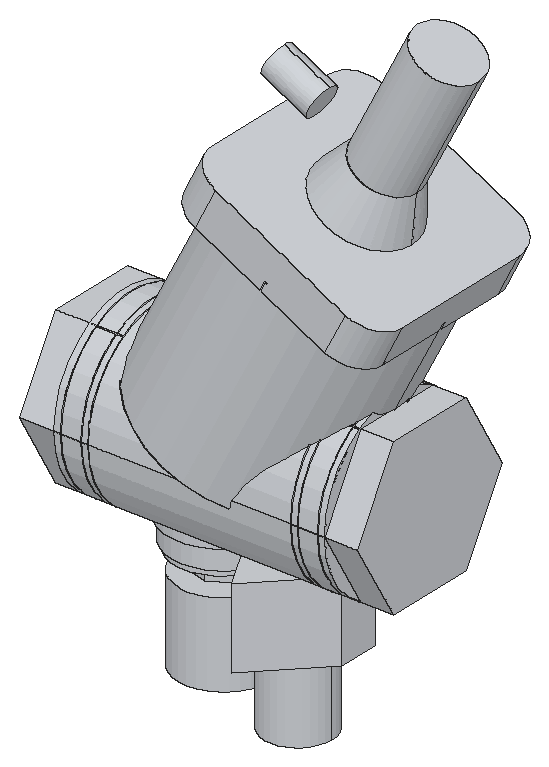
Revit family "PV_Compact_DN025L_ 5-30_FF_měř-vyp_RFA_2019", category Pipe Accessories, Revit 2019
Family settings
  Round Connector Dimension = Use Diameter
  Part Type = Valve - Breaks Into
  Work Plane-Based = No
  Always vertical = Yes
  Cut with Voids When Loaded = No
  Shared = No
Parameters (values of type "PV Compact DN25L FF s měřením a vypouštěním ( 5-30kPa)")
  magiProductId = "006ff7ff77e34fd39e52f3f4c37192"
  magiProductFamilyId = "88c57951ecb64b5d83dd1d4eb8fc72"
  magiPartTypeId = 304
  isMeasuringValve [instance] = no
  ang2D [instance] = 0.00°
  Z7 = 15 mm
  Z6 = 40.2 mm
  Z5 = 93.8 mm
  Z4 = 80.4 mm
  Z3 = 13.4 mm
  Z2 = 67 mm
  XR3 = 42.5 mm
  XR2 = 37.5 mm
  XR1 = 25.5 mm
  W2D = 15 mm
  VersionID = "2.0/2018.12.13.2/FRESE_PV_COMPACT_PLUG_Q13_001"
  Use Minimum Symbol Size [instance] = no
  URL = "www.hydronic.cz"
  Type Comments = "závitový s vnitřním závitem; s měřicí vsuvkou a vypouštěním; PN25; dpmax=450kPa; -10~+120°C"
  R5 = 5 mm
  R4 = 15 mm
  R3 = 10 mm
  R2 = 26.5 mm
  R1 = 31.5 mm
  QmdConnectorList = "301;D;302;D"
  Productdata [instance] = ""
  PH__ve = -PH  # -23.6 mm
  PH = 23.6 mm
  NL__ve = -NL  # -20 mm
  NL = 20 mm
  Manufacturer = "Hydronic Systems Prague s.r.o."
  MC Use Limits From Balancing Method = no
  MC Throttling Minimum Value = 0
  MC Throttling Maximum Value = 0
  MC Product Code = "53-3246 DN25L; FF; nastavitelný rozsah dp=5~30kPa; Q=600~2500l/h;  kvs=8,7"
  MC Pressure Drop Minimum Value = 0.0 Pa
  MC Pressure Drop Maximum Value = 0.0 Pa
  MC Piping Given Pressure Drop [instance] = 0.0 Pa
  M5 = 40 mm
  M4 = 38 mm
  M3 = 32 mm
  M2 = 30 mm
  LP = 50 mm
  LM = 60 mm
  LL__ve = -LL  # -6.3 mm
  LLT__ve = -LLT  # -19.1 mm
  LLT = 19.1 mm
  LL2 = 38 mm
  LL = 6.3 mm
  L3 = 11 mm
  L2D_Min = 30.48 mm
  L2D = 65 mm
  Description = "Nastavitelný regulátor tlakové diference"
  DR1 = yes
  DR0 = no
  DL2 = 72 mm
  D = 25 mm
  CenSd_R2_6 = R2 * cos(30.00°)  # 22.95 mm
  CAT0 = yes
  C0D1 = yes
  C0D0 = no
Types (10, lengths in mm): name | magiProductId | Z6 | Z5 | Z4 | Z3 | Z2 | XR3 | XR2 | XR1 | R2 | R1 | PH__ve | PH | NL__ve | NL | MC Product Code | M5 | M4 | M3 | M2 | LP | LM | LL__ve | LLT__ve | LLT | LL2 | LL | L3 | DL2 | D | CenSd_R2_6
  PV Compact DN15 FF s měřením a vypouštěním (20-60kPa) | "ebd4dd38c61a47e78db1b31e427098" | 24.6 | 57.4 | 49.2 | 8.2 | 41 | 30 | 25 | 13 | 14 | 19 | -22.4 | 22.4 | -15 | 15 | "53-3243 DN15; FF; nastavitelný rozsah dp=20~60kPa; Q=100~1000l/h;  kvs=2,9" | 32.5 | 30.5 | 24.5 | 22.5 | 37.5 | 45 | -5.7 | -14.9 | 14.9 | 32 | 5.7 | 11 | 66 | 15 | 12.124
  PV Compact DN15 FF s měřením a vypouštěním ( 5-30kPa) | "1e13aaf8f1b54965adca1ab26bd771" | 24.6 | 57.4 | 49.2 | 8.2 | 41 | 30 | 25 | 13 | 14 | 19 | -22.4 | 22.4 | -15 | 15 | "53-3242 DN15; FF; nastavitelný rozsah dp=5~30kPa; Q=50~600l/h;  kvs=2,9" | 32.5 | 30.5 | 24.5 | 22.5 | 37.5 | 45 | -5.7 | -14.9 | 14.9 | 32 | 5.7 | 11 | 66 | 15 | 12.124
  PV Compact DN20 FF s měřením a vypouštěním (20-60kPa) | "6d4e29c475624129ae1d8630218e83" | 24.6 | 57.4 | 49.2 | 8.2 | 41 | 30 | 25 | 13 | 14 | 19 | -22.4 | 22.4 | -15.8 | 15.8 | "53-3245 DN20; FF; nastavitelný rozsah dp=20~60kPa; Q=150~2000l/h;  kvs=3,5" | 33.7 | 31.7 | 25.7 | 23.7 | 39.5 | 47.4 | -5.7 | -14.9 | 14.9 | 32 | 5.7 | 11 | 66 | 20 | 12.124
  PV Compact DN20 FF s měřením a vypouštěním ( 5-30kPa) | "3c7d936801344d2a9486b3d5f20c15" | 24.6 | 57.4 | 49.2 | 8.2 | 41 | 30 | 25 | 13 | 14 | 19 | -22.4 | 22.4 | -15.8 | 15.8 | "53-3244 DN20; FF; nastavitelný rozsah dp=5~30kPa; Q=100~1000l/h;  kvs=3,5" | 33.7 | 31.7 | 25.7 | 23.7 | 39.5 | 47.4 | -5.7 | -14.9 | 14.9 | 32 | 5.7 | 11 | 66 | 20 | 12.124
  PV Compact DN25 FF s měřením a vypouštěním ( 5-30kPa) | "40b783a088714ff8af367f7ba18a04" | 25.5 | 59.5 | 51 | 8.5 | 42.5 | 30 | 25 | 13 | 14 | 19 | -22.8 | 22.8 | -16.6 | 16.6 | "53-3251 DN25; FF; nastavitelný rozsah dp=5~30kPa; Q=600~2100l/h;  kvs=4,0" | 34.9 | 32.9 | 26.9 | 24.9 | 41.5 | 49.8 | -5.9 | -16.3 | 16.3 | 34 | 5.9 | 11 | 68 | 25 | 12.124
  PV Compact DN25L FF s měřením a vypouštěním (20-80kPa) | "7052257d0cc94620b8f60c4ac85ccd" | 40.2 | 93.8 | 80.4 | 13.4 | 67 | 42.5 | 37.5 | 25.5 | 26.5 | 31.5 | -23.6 | 23.6 | -20 | 20 | "53-3247 DN25; FF; nastavitelný rozsah dp=20~80kPa; Q=750~4200l/h;  kvs=8,7" | 40 | 38 | 32 | 30 | 50 | 60 | -6.3 | -19.1 | 19.1 | 38 | 6.3 | 11 | 72 | 25 | 22.95
  PV Compact DN25L FF s měřením a vypouštěním ( 5-30kPa) | "006ff7ff77e34fd39e52f3f4c37192" | 40.2 | 93.8 | 80.4 | 13.4 | 67 | 42.5 | 37.5 | 25.5 | 26.5 | 31.5 | -23.6 | 23.6 | -20 | 20 | "53-3246 DN25L; FF; nastavitelný rozsah dp=5~30kPa; Q=600~2500l/h;  kvs=8,7" | 40 | 38 | 32 | 30 | 50 | 60 | -6.3 | -19.1 | 19.1 | 38 | 6.3 | 11 | 72 | 25 | 22.95
  PV Compact DN32 FF s měřením a vypouštěním (20-80kPa) | "e53839f5e58040c69ad69dcf8b7122" | 40.2 | 93.8 | 80.4 | 13.4 | 67 | 42.5 | 37.5 | 25.5 | 26.5 | 31.5 | -24.6 | 24.6 | -20.8 | 20.8 | "53-3248 DN32; FF; nastavitelný rozsah dp=20~80kPa; Q=1000~5000l/h;  kvs=10,1" | 41.2 | 39.2 | 33.2 | 31.2 | 52 | 62.4 | -6.8 | -22.6 | 22.6 | 43 | 6.8 | 25 | 77 | 32 | 22.95
  PV Compact DN40 FF s měřením a vypouštěním (20-80kPa) | "edae53f0ee9843aa9c005a0dbc2db4" | 46.8 | 109.2 | 93.6 | 15.6 | 78 | 42.5 | 37.5 | 25.5 | 26.5 | 31.5 | -25.2 | 25.2 | -27.6 | 27.6 | "53-3249 DN40; FF; nastavitelný rozsah dp=20~80kPa; Q=3000~8000l/h;  kvs=15,8" | 51.4 | 49.4 | 43.4 | 41.4 | 69 | 82.8 | -7.1 | -24.7 | 24.7 | 46 | 7.1 | 25 | 80 | 40 | 22.95
  PV Compact DN50 FF s měřením a vypouštěním (20-80kPa) | "7572286e99104aaeaae4a504f9a6dd" | 46.8 | 109.2 | 93.6 | 15.6 | 78 | 42.5 | 37.5 | 25.5 | 35.25 | 31.5 | -26.4 | 26.4 | -27.6 | 27.6 | "53-3250 DN50; FF; nastavitelný rozsah dp=20~80kPa; Q=5000~11500l/h;  kvs=16,2" | 51.4 | 49.4 | 43.4 | 41.4 | 69 | 82.8 | -7.7 | -28.9 | 28.9 | 52 | 7.7 | 25 | 86 | 50 | 30.527
Reference planes
  plane 1 "Center (Front/Back)": y = 0
  plane 2 "XYPLANE": z = 0
  plane 3 "Center (Left/Right)": x = 0
  plane 4 "408": x = 50
  plane 5 "407": x = -50
  plane 6 "402": z = -72
  plane 7 "213": x = 11
  plane 8 "168": z = -15.1
  plane 9 "167": z = -17.1
  plane 10 "166": z = -23.4
  plane 11 "165": z = -29.7
  plane 12 "164": z = -31.7
  plane 13 "154": z = 0
  plane 14 "152": y = 0
  plane 15 "151": z = -38
  plane 16 "150": x = -11
  plane 17 "75": through (307.08, 0, 685.28) normal (0.891, 0, -0.454)
  plane 18 "74": x = 40
  plane 19 "73": x = 38
  plane 20 "72": x = 32
  plane 21 "71": x = 30
  plane 22 "70": x = -40
  plane 23 "69": x = -38
  plane 24 "68": x = -32
  plane 25 "67": y = 0
  plane 26 "66": through (-666.893, 0, 343.166) normal (0.454, 0, 0.891)
  plane 27 "65": x = -30
  plane 28 "64": through (335.147, 0, 670.979) normal (0.891, 0, -0.454)
  plane 29 "63": through (-637.838, 0, 400.19) normal (0.454, 0, 0.891)
  plane 30 "62": through (363.214, 0, 656.678) normal (0.891, 0, -0.454)
  plane 31 "61": y = 31.5
  plane 32 "60": y = -31.5
  plane 33 "59": through (-631.754, 0, 412.13) normal (0.454, 0, 0.891)
  plane 34 "58": through (-625.671, 0, 424.069) normal (0.454, 0, 0.891)
  plane 35 "57": through (302.625, 0, 687.549) normal (0.891, 0, -0.454)
  plane 36 "56": x = 0
  plane 37 "55": through (-668.255, 0, 340.493) normal (0.454, 0, 0.891)
  plane 38 "102XY": through (-668.255, 0, 340.493) normal (0.454, 0, 0.891)
  plane 39 "102XZ": y = 0
  plane 40 "102YZ": through (340.493, 0, 668.255) normal (0.891, 0, -0.454)
Forms (mm)
  Extrusion 1, solid
    sketch origin (50, -750, 0) x (0, 1, 0) y (0, 0, 1)
      loop
        line (776.5, 0) -> (763.25, 22.95) -> (736.75, 22.95) -> (723.5, 0) -> (736.75, -22.95) -> (763.25, -22.95) -> (776.5, 0)
    from 0 to -20 <- "NL__ve"
  Extrusion 2, solid
    sketch origin (-50, -750, 0) x (0, 1, 0) y (0, 0, 1)
      loop
        line (723.5, 0) -> (736.75, -22.95) -> (763.25, -22.95) -> (776.5, 0) -> (763.25, 22.95) -> (736.75, 22.95) -> (723.5, 0)
    from 0 to 20 <- "NL"
  Extrusion 3, solid, visible <- "C0D1"
    sketch origin (-750, 0, -72) x (1, 0, 0) y (0, 1, 0)
      loop
        circle (761, 0) r 10
    from 0 to 50
  Extrusion 4, solid, visible <- "DR1"
    sketch origin (-750, 0, -23.4) x (1, 0, 0) y (0, 1, 0)
      loop
        line (761, -24.5) -> (778.892, -6) -> (778.892, 6) -> (761, 24.5) -> (750.608, 6) -> (750.608, -6) -> (761, -24.5)
    from 0 to -23.6 <- "PH__ve"
  Extrusion 5, solid, visible <- "DR1"
    sketch origin (-750, 0, -23.4) x (1, 0, 0) y (0, 1, 0)
      loop
        circle (761, 0) r 10
    from 0 to 6.3 <- "LL"
  Blend 6, solid, visible <- "DR1"
    base sketch origin (-750, 0, -15.1) x (1, 0, 0) y (0, 1, 0)
      loop
        circle (761, 0) r 7.5
    top sketch origin (-750, 0, -15.1) x (1, 0, 0) y (0, 1, 0)
      loop
        circle (761, 0) r 10
    from 0 to -2
  Extrusion 7, solid, visible <- "DR1"
    sketch origin (-750, 0, 0) x (1, 0, 0) y (0, 1, 0)
      loop
        circle (761, 0) r 7.5
    from 0 to -19.1 <- "LLT__ve"
  Extrusion 8, solid, visible <- "C0D0"
    sketch origin (-750, 0, -38) x (1, 0, 0) y (0, 1, 0)
      loop
        circle (761, 0) r 6
    from 0 to -25
  Extrusion 9, solid, visible <- "DR0"
    sketch origin (-750, 0, -31.7) x (1, 0, 0) y (0, 1, 0)
      loop
        line (761, -7) -> (774.562, -3.5) -> (774.562, 3.5) -> (761, 7) -> (754.938, 3.5) -> (754.938, -3.5) -> (761, -7)
    from 0 to -6.3 <- "LL__ve"
  Extrusion 10, solid, visible <- "DR0"
    sketch origin (-750, 0, -31.7) x (1, 0, 0) y (0, 1, 0)
      loop
        circle (761, 0) r 7
    from 0 to 2
  Extrusion 11, solid, visible <- "DR0"
    sketch origin (-750, 0, -23.4) x (1, 0, 0) y (0, 1, 0)
      loop
        circle (761, 0) r 9
    from 0 to 6.3 <- "LL"
  Blend 12, solid, visible <- "DR0"
    base sketch origin (-750, 0, -15.1) x (1, 0, 0) y (0, 1, 0)
      loop
        circle (761, 0) r 6.5
    top sketch origin (-750, 0, -15.1) x (1, 0, 0) y (0, 1, 0)
      loop
        circle (761, 0) r 9
    from 0 to -2
  Extrusion 13, solid, visible <- "DR0"
    sketch origin (-750, 0, 0) x (1, 0, 0) y (0, 1, 0)
      loop
        circle (761, 0) r 6.5
    from 0 to -19.1 <- "LLT__ve"
  Extrusion 14, solid, visible <- "DR0"
    sketch origin (-750, 0, 0) x (1, 0, 0) y (0, 1, 0)
      loop
        circle (761, 0) r 6.5
    from 0 to -19.1 <- "LLT__ve"
  Blend 15, solid, visible <- "DR0"
    base sketch origin (-750, 0, -15.1) x (1, 0, 0) y (0, 1, 0)
      loop
        circle (761, 0) r 6.5
    top sketch origin (-750, 0, -15.1) x (1, 0, 0) y (0, 1, 0)
      loop
        circle (761, 0) r 9
    from 0 to -2
  Extrusion 16, solid, visible <- "DR0"
    sketch origin (-750, 0, -23.4) x (1, 0, 0) y (0, 1, 0)
      loop
        circle (761, 0) r 9
    from 0 to 6.3 <- "LL"
  Extrusion 17, solid, visible <- "DR0"
    sketch origin (-750, 0, -29.7) x (1, 0, 0) y (0, 1, 0)
      loop
        circle (761, 0) r 8
    from 0 to 6.3 <- "LL"
  Extrusion 18, solid, visible <- "DR0"
    sketch origin (-750, 0, -31.7) x (1, 0, 0) y (0, 1, 0)
      loop
        circle (761, 0) r 7
    from 0 to 2
  Extrusion 19, solid, visible <- "DR0"
    sketch origin (-750, 0, -31.7) x (1, 0, 0) y (0, 1, 0)
      loop
        line (761, -7) -> (774.562, -3.5) -> (774.562, 3.5) -> (761, 7) -> (754.938, 3.5) -> (754.938, -3.5) -> (761, -7)
    from 0 to -6.3 <- "LL__ve"
  Extrusion 20, solid, visible <- "C0D0"
    sketch origin (-750, 0, -38) x (1, 0, 0) y (0, 1, 0)
      loop
        circle (761, 0) r 6
    from 0 to -25
  Extrusion 21, solid, visible <- "CAT0"
    sketch origin (-750, 0, -38) x (1, 0, 0) y (0, 1, 0)
      loop
        circle (739, 0) r 13.5
    from 0 to -25
  Extrusion 22, solid
    sketch origin (-750, 0, -31.7) x (1, 0, 0) y (0, 1, 0)
      loop
        line (739, -7) -> (745.062, -3.5) -> (745.062, 3.5) -> (739, 7) -> (725.438, 3.5) -> (725.438, -3.5) -> (739, -7)
    from 0 to -6.3 <- "LL__ve"
  Extrusion 23, solid
    sketch origin (-750, 0, -31.7) x (1, 0, 0) y (0, 1, 0)
      loop
        circle (739, 0) r 14.5
    from 0 to 2
  Extrusion 24, solid
    sketch origin (-750, 0, -29.7) x (1, 0, 0) y (0, 1, 0)
      loop
        circle (739, 0) r 15.5
    from 0 to 6.3 <- "LL"
  Extrusion 25, solid
    sketch origin (-750, 0, -23.4) x (1, 0, 0) y (0, 1, 0)
      loop
        circle (739, 0) r 16.5
    from 0 to 6.3 <- "LL"
  Blend 26, solid
    base sketch origin (-750, 0, -15.1) x (1, 0, 0) y (0, 1, 0)
      loop
        circle (739, 0) r 14
    top sketch origin (-750, 0, -15.1) x (1, 0, 0) y (0, 1, 0)
      loop
        circle (739, 0) r 16.5
    from 0 to -2
  Extrusion 27, solid
    sketch origin (-750, 0, 0) x (1, 0, 0) y (0, 1, 0)
      loop
        circle (739, 0) r 14
    from 0 to -19.1 <- "LLT__ve"
  Blend 28, solid, visible <- "CAT0"
    base sketch origin (38, -750, 0) x (0, 1, 0) y (0, 0, 1)
      loop
        circle (750, 0) r 26.5
    top sketch origin (38, -750, 0) x (0, 1, 0) y (0, 0, 1)
      loop
        circle (750, 0) r 26.5
    from 0 to 2
  Extrusion 29, solid, visible <- "CAT0"
    sketch origin (32, -750, 0) x (0, 1, 0) y (0, 0, 1)
      loop
        circle (750, 0) r 26.5
    from 0 to 6
  Blend 30, solid, visible <- "CAT0"
    base sketch origin (30, -750, 0) x (0, 1, 0) y (0, 0, 1)
      loop
        circle (750, 0) r 26.5
    top sketch origin (30, -750, 0) x (0, 1, 0) y (0, 0, 1)
      loop
        circle (750, 0) r 26.5
    from 0 to 2
  Blend 31, solid, visible <- "CAT0"
    base sketch origin (-38, -750, 0) x (0, 1, 0) y (0, 0, 1)
      loop
        circle (750, 0) r 26.5
    top sketch origin (-38, -750, 0) x (0, 1, 0) y (0, 0, 1)
      loop
        circle (750, 0) r 26.5
    from 0 to -2
  Extrusion 32, solid, visible <- "CAT0"
    sketch origin (-38, -750, 0) x (0, 1, 0) y (0, 0, 1)
      loop
        circle (750, 0) r 26.5
    from 0 to 6
  Blend 33, solid, visible <- "CAT0"
    base sketch origin (-32, -750, 0) x (0, 1, 0) y (0, 0, 1)
      loop
        circle (750, 0) r 26.5
    top sketch origin (-32, -750, 0) x (0, 1, 0) y (0, 0, 1)
      loop
        circle (750, 0) r 26.5
    from 0 to 2
  Extrusion 34, solid, visible <- "CAT0"
    sketch origin (-30, -750, 0) x (0, 1, 0) y (0, 0, 1)
      loop
        circle (750, 0) r 26.5
    from 0 to 60 <- "LM"
  Extrusion 35, solid, visible <- "CAT0"
    sketch origin (-666.893, 0, 343.166) x (0.891007, 0, -0.45399) y (0, 1, 0)
      loop
        circle (744, 0) r 31.5
    from 0 to 67 <- "Z2"
  Extrusion 36, solid, visible <- "CAT0"
    sketch origin (-637.838, 0, 400.19) x (0.891007, 0, -0.45399) y (0, 1, 0)
      loop
        arc (722.5, 31.5) -> (715.429, 28.571) -> (712.5, 21.5) r 10
        line (712.5, 21.5) -> (712.5, -21.5)
        arc (712.5, -21.5) -> (715.429, -28.571) -> (722.5, -31.5) r 10
        line (722.5, -31.5) -> (765.5, -31.5)
        arc (765.5, -31.5) -> (772.571, -28.571) -> (775.5, -21.5) r 10
        line (775.5, -21.5) -> (775.5, 21.5)
        arc (775.5, 21.5) -> (772.571, 28.571) -> (765.5, 31.5) r 10
        line (765.5, 31.5) -> (722.5, 31.5)
    from 0 to 13.4 <- "Z3"
  Blend 37, solid, visible <- "CAT0"
    base sketch origin (-631.754, 0, 412.13) x (0.891007, 0, -0.45399) y (0, 1, 0)
      loop
        circle (744, 0) r 15
    top sketch origin (-631.754, 0, 412.13) x (0.891007, 0, -0.45399) y (0, 1, 0)
      loop
        circle (744, 0) r 10
    from 0 to 13.4
  Extrusion 38, solid, visible <- "CAT0"
    sketch origin (-625.671, 0, 424.069) x (0.891007, 0, -0.45399) y (0, 1, 0)
      loop
        circle (744, 0) r 10
    from 0 to 40.2 <- "Z6"
  Extrusion 39, solid, visible <- "CAT0"
    sketch origin (302.625, 0, 687.549) x (-0.45399, 0, -0.891007) y (0, 1, 0)
      loop
        circle (656.2, 0) r 5
    from 0 to 15 <- "Z7"
  Blend 40, solid, visible <- "CAT0"
    base sketch origin (-668.255, 0, 340.493) x (0.891007, 0, -0.45399) y (0, 1, 0)
      loop
        circle (744, 0) r 27.5
    top sketch origin (-668.255, 0, 340.493) x (0.891007, 0, -0.45399) y (0, 1, 0)
      loop
        circle (744, 0) r 31.5
    from 0 to 3
  Extrusion 41, solid, not visible
    sketch origin (-40, -750, 0) x (0, 1, 0) y (0, 0, 1)
      loop
        circle (750, 0) r 22.5
    from 0 to 10
  Extrusion 42, solid, not visible
    sketch origin (40, -750, 0) x (0, 1, 0) y (0, 0, 1)
      loop
        circle (750, 0) r 22.5
    from 0 to -10
Lines and regions (mm)
  reference lines, not visible
    curve 1: circle (2, 2, 0) r 1 normal (0, 0, 1)
  reference lines
    curve 2: line (50, 0, 0) -> (50, -3.5, 6.062)
    curve 3: line (50, 0, 0) -> (50, -7, 0)
    curve 4: line (50, 0, 0) -> (50, -3.5, -6.062)
    curve 5: line (-50, 0, 0) -> (-50, 3.5, 6.062)
    curve 6: line (-50, 0, 0) -> (-50, 7, 0)
    curve 7: line (-50, 0, 0) -> (-50, 3.5, -6.062)
Dimensions and locks
  plane 1 "Center (Front/Back)" to curve 1 = 2 mm
  "LP": plane 36 "56" to plane 4 "408"
  "LP": plane 36 "56" to plane 5 "407"
  "DL2": plane 2 "XYPLANE" to plane 6 "402"
  "L3": plane 3 "Center (Left/Right)" to plane 7 "213"
  locked: plane 9 "167" to plane 8 "168" at 2
  "LL": plane 10 "166" to plane 9 "167"
  "LL": plane 11 "165" to plane 10 "166"
  locked: plane 12 "164" to plane 11 "165" at 2
  "LL": plane 15 "151" to plane 12 "164"
  locked: plane 2 "XYPLANE" to plane 13 "154"
  locked: plane 1 "Center (Front/Back)" to plane 14 "152"
  "LL2": plane 2 "XYPLANE" to plane 15 "151"
  "L3": plane 3 "Center (Left/Right)" to plane 16 "150"
  "XR2": plane 40 "102YZ" to plane 17 "75"
  "M5": plane 3 "Center (Left/Right)" to plane 18 "74"
  "M4": plane 3 "Center (Left/Right)" to plane 19 "73"
  "M3": plane 3 "Center (Left/Right)" to plane 20 "72"
  "M2": plane 3 "Center (Left/Right)" to plane 21 "71"
  "M5": plane 3 "Center (Left/Right)" to plane 22 "70"
  "M4": plane 3 "Center (Left/Right)" to plane 23 "69"
  "M3": plane 3 "Center (Left/Right)" to plane 24 "68"
  locked: plane 14 "152" to plane 25 "67"
  locked: plane 38 "102XY" to plane 26 "66" at 3
  "M2": plane 3 "Center (Left/Right)" to plane 27 "65"
  locked: plane 40 "102YZ" to plane 28 "64" at 6
  "Z2": plane 38 "102XY" to plane 29 "63"
  "XR1": plane 40 "102YZ" to plane 30 "62"
  "R1": plane 14 "152" to plane 31 "61"
  "R1": plane 14 "152" to plane 32 "60"
  "Z4": plane 38 "102XY" to plane 33 "59"
  "Z5": plane 38 "102XY" to plane 34 "58"
  "XR3": plane 40 "102YZ" to plane 35 "57"
  locked: plane 3 "Center (Left/Right)" to plane 36 "56"
  locked: plane 38 "102XY" to plane 37 "55"
  "CenSd_R2_6": curve 2 to Extrusion 1 sketch curve  (x2)
  "CenSd_R2_6": curve 3 to Extrusion 1 sketch curve  (x2)
  "CenSd_R2_6": curve 4 to Extrusion 1 sketch curve  (x2)
  Extrusion 1 sketch curve to Extrusion 1 sketch curve = 0 mm  (x12)
  "CenSd_R2_6": curve 5 to Extrusion 2 sketch curve  (x2)
  "CenSd_R2_6": curve 6 to Extrusion 2 sketch curve  (x2)
  "CenSd_R2_6": curve 7 to Extrusion 2 sketch curve  (x2)
  Extrusion 2 sketch curve to Extrusion 2 sketch curve = 0 mm  (x12)
  Extrusion 4 sketch curve to Extrusion 4 sketch curve = 0 mm  (x12)
  Extrusion 9 sketch curve to Extrusion 9 sketch curve = 0 mm  (x12)
  Extrusion 19 sketch curve to Extrusion 19 sketch curve = 0 mm  (x12)
  Extrusion 22 sketch curve to Extrusion 22 sketch curve = 0 mm  (x12)
  Extrusion 36 sketch curve to Extrusion 36 sketch curve = 0 mm  (x16)
  "R2": radius of Blend 28 sketch curve  (x2)
  "R2": radius of Extrusion 29 sketch curve
  "R2": radius of Blend 30 sketch curve  (x2)
  "R2": radius of Blend 31 sketch curve  (x2)
  "R2": radius of Extrusion 32 sketch curve
  "R2": radius of Blend 33 sketch curve  (x2)
  "R2": radius of Extrusion 34 sketch curve
  "R1": radius of Extrusion 35 sketch curve
  radius of Extrusion 36 sketch curve = 10 mm  (x4)
  "R3": radius of Blend 37 sketch curve
  "R4": radius of Blend 37 sketch curve
  "R3": radius of Extrusion 38 sketch curve
  "R5": radius of Extrusion 39 sketch curve
  "R1": radius of Blend 40 sketch curve
  locked: curve 3 to curve 2 (angle 60.00°)
  locked: curve 4 to curve 3 (angle 60.00°)
  locked: curve 4 to curve 2 (angle 120.00°)
  locked: curve 6 to curve 5 (angle 60.00°)
  locked: curve 7 to curve 6 (angle 60.00°)
  locked: curve 7 to curve 5 (angle 120.00°)
  aligned and locked: level to plane 2 "XYPLANE"
  aligned and locked: plane 13 "154" to curve 4
  aligned and locked: curve 4 to plane 14 "152"
  aligned and locked: plane 13 "154" to curve 7
  aligned and locked: curve 7 to plane 14 "152"
  aligned and locked: plane 7 "213" to Extrusion 3 sketch curve
  aligned and locked: plane 14 "152" to Extrusion 3 sketch curve
  aligned and locked: plane 7 "213" to Extrusion 5 sketch curve
  aligned and locked: plane 14 "152" to Extrusion 5 sketch curve
  aligned and locked: plane 7 "213" to Blend 6 sketch curve  (x2)
  aligned and locked: plane 14 "152" to Blend 6 sketch curve  (x2)
  aligned and locked: Blend 6 to plane 9 "167"
  aligned and locked: plane 7 "213" to Extrusion 7 sketch curve
  aligned and locked: plane 14 "152" to Extrusion 7 sketch curve
  aligned and locked: plane 7 "213" to Extrusion 8 sketch curve
  aligned and locked: plane 14 "152" to Extrusion 8 sketch curve
  aligned and locked: plane 7 "213" to Extrusion 10 sketch curve
  aligned and locked: plane 14 "152" to Extrusion 10 sketch curve
  aligned and locked: plane 7 "213" to Extrusion 11 sketch curve
  aligned and locked: plane 14 "152" to Extrusion 11 sketch curve
  aligned and locked: plane 7 "213" to Blend 12 sketch curve  (x2)
  aligned and locked: plane 14 "152" to Blend 12 sketch curve  (x2)
  aligned and locked: Blend 12 to plane 9 "167"
  aligned and locked: plane 7 "213" to Extrusion 13 sketch curve
  aligned and locked: plane 14 "152" to Extrusion 13 sketch curve
  aligned and locked: plane 7 "213" to Extrusion 14 sketch curve
  aligned and locked: plane 14 "152" to Extrusion 14 sketch curve
  aligned and locked: plane 7 "213" to Blend 15 sketch curve  (x2)
  aligned and locked: plane 14 "152" to Blend 15 sketch curve  (x2)
  aligned and locked: Blend 15 to plane 9 "167"
  aligned and locked: plane 7 "213" to Extrusion 16 sketch curve
  aligned and locked: plane 14 "152" to Extrusion 16 sketch curve
  aligned and locked: plane 7 "213" to Extrusion 17 sketch curve
  aligned and locked: plane 14 "152" to Extrusion 17 sketch curve
  aligned and locked: plane 7 "213" to Extrusion 18 sketch curve
  aligned and locked: plane 14 "152" to Extrusion 18 sketch curve
  aligned and locked: plane 7 "213" to Extrusion 20 sketch curve
  aligned and locked: plane 14 "152" to Extrusion 20 sketch curve
  aligned and locked: plane 14 "152" to Extrusion 21 sketch curve
  aligned and locked: plane 16 "150" to Extrusion 21 sketch curve
  aligned and locked: plane 14 "152" to Extrusion 23 sketch curve
  aligned and locked: plane 16 "150" to Extrusion 23 sketch curve
  aligned and locked: plane 14 "152" to Extrusion 24 sketch curve
  aligned and locked: plane 16 "150" to Extrusion 24 sketch curve
  aligned and locked: plane 14 "152" to Extrusion 25 sketch curve
  aligned and locked: plane 16 "150" to Extrusion 25 sketch curve
  aligned and locked: plane 14 "152" to Blend 26 sketch curve  (x2)
  aligned and locked: plane 16 "150" to Blend 26 sketch curve  (x2)
  aligned and locked: Blend 26 to plane 9 "167"
  aligned and locked: plane 14 "152" to Extrusion 27 sketch curve
  aligned and locked: plane 16 "150" to Extrusion 27 sketch curve
  aligned and locked: plane 13 "154" to Blend 28 sketch curve  (x2)
  aligned and locked: Blend 28 sketch curve to plane 14 "152"  (x2)
  aligned and locked: plane 18 "74" to Blend 28
  aligned and locked: plane 13 "154" to Extrusion 29 sketch curve
  aligned and locked: Extrusion 29 sketch curve to plane 14 "152"
  aligned and locked: plane 13 "154" to Blend 30 sketch curve  (x2)
  aligned and locked: Blend 30 sketch curve to plane 14 "152"  (x2)
  aligned and locked: plane 20 "72" to Blend 30
  aligned and locked: plane 13 "154" to Blend 31 sketch curve  (x2)
  aligned and locked: Blend 31 sketch curve to plane 14 "152"  (x2)
  aligned and locked: Blend 31 to plane 22 "70"
  aligned and locked: plane 13 "154" to Extrusion 32 sketch curve
  aligned and locked: Extrusion 32 sketch curve to plane 14 "152"
  aligned and locked: plane 13 "154" to Blend 33 sketch curve  (x2)
  aligned and locked: Blend 33 sketch curve to plane 14 "152"  (x2)
  aligned and locked: plane 27 "65" to Blend 33
  aligned and locked: plane 13 "154" to Extrusion 34 sketch curve
  aligned and locked: Extrusion 34 sketch curve to plane 14 "152"
  aligned and locked: plane 25 "67" to Extrusion 35 sketch curve
  aligned and locked: Extrusion 35 sketch curve to plane 28 "64"
  aligned and locked: Extrusion 36 sketch curve to plane 17 "75"
  aligned and locked: Extrusion 36 sketch curve to plane 32 "60"
  aligned and locked: Extrusion 36 sketch curve to plane 30 "62"
  aligned and locked: plane 31 "61" to Extrusion 36 sketch curve
  aligned and locked: plane 25 "67" to Blend 37 sketch curve  (x2)
  aligned and locked: Blend 37 sketch curve to plane 28 "64"  (x2)
  aligned and locked: plane 34 "58" to Blend 37
  aligned and locked: plane 25 "67" to Extrusion 38 sketch curve
  aligned and locked: Extrusion 38 sketch curve to plane 28 "64"
  aligned and locked: plane 25 "67" to Extrusion 39 sketch curve
  aligned and locked: plane 34 "58" to Extrusion 39 sketch curve
  aligned and locked: plane 25 "67" to Blend 40 sketch curve  (x2)
  aligned and locked: Blend 40 sketch curve to plane 28 "64"  (x2)
  aligned and locked: plane 26 "66" to Blend 40
  aligned and locked: plane 13 "154" to Extrusion 41 sketch curve
  aligned and locked: Extrusion 41 sketch curve to plane 14 "152"
  aligned and locked: plane 13 "154" to Extrusion 42 sketch curve
  aligned and locked: Extrusion 42 sketch curve to plane 14 "152"
Automatic sketch dimensions
  plane 3 "Center (Left/Right)" to Extrusion 3 sketch curve = 1 mm
  Extrusion 4 sketch curve to plane 7 "213" = 0 mm  (x2)
  plane 3 "Center (Left/Right)" to Extrusion 4 sketch curve = 0.608 mm
  Extrusion 4 sketch curve to plane 21 "71" = 1.108 mm
  plane 32 "60" to Extrusion 4 sketch curve = 7 mm
  plane 1 "Center (Front/Back)" to Extrusion 4 sketch curve = 6 mm  (x2)
  Extrusion 4 sketch curve to plane 1 "Center (Front/Back)" = 6 mm  (x2)
  Extrusion 4 sketch curve to plane 31 "61" = 7 mm
  plane 3 "Center (Left/Right)" to Extrusion 5 sketch curve = 1 mm
  plane 3 "Center (Left/Right)" to Blend 6 sketch curve = 3.5 mm
  plane 3 "Center (Left/Right)" to Blend 6 sketch curve = 1 mm
  plane 3 "Center (Left/Right)" to Extrusion 7 sketch curve = 3.5 mm
  plane 3 "Center (Left/Right)" to Extrusion 8 sketch curve = 5 mm
  Extrusion 9 sketch curve to plane 7 "213" = 0 mm  (x2)
  plane 3 "Center (Left/Right)" to Extrusion 9 sketch curve = 4.938 mm
  Extrusion 9 sketch curve to plane 21 "71" = 5.438 mm
  plane 1 "Center (Front/Back)" to Extrusion 9 sketch curve = 7 mm
  plane 1 "Center (Front/Back)" to Extrusion 9 sketch curve = 3.5 mm  (x2)
  Extrusion 9 sketch curve to plane 1 "Center (Front/Back)" = 3.5 mm  (x2)
  Extrusion 9 sketch curve to Extrusion 9 sketch curve = 3.5 mm
  plane 3 "Center (Left/Right)" to Extrusion 10 sketch curve = 4 mm
  plane 3 "Center (Left/Right)" to Extrusion 11 sketch curve = 2 mm
  plane 3 "Center (Left/Right)" to Blend 12 sketch curve = 4.5 mm
  plane 3 "Center (Left/Right)" to Blend 12 sketch curve = 2 mm
  plane 3 "Center (Left/Right)" to Extrusion 13 sketch curve = 4.5 mm
  plane 3 "Center (Left/Right)" to Extrusion 14 sketch curve = 4.5 mm
  plane 3 "Center (Left/Right)" to Blend 15 sketch curve = 4.5 mm
  plane 3 "Center (Left/Right)" to Blend 15 sketch curve = 2 mm
  plane 3 "Center (Left/Right)" to Extrusion 16 sketch curve = 2 mm
  plane 3 "Center (Left/Right)" to Extrusion 17 sketch curve = 3 mm
  plane 3 "Center (Left/Right)" to Extrusion 18 sketch curve = 4 mm
  Extrusion 19 sketch curve to plane 7 "213" = 0 mm  (x2)
  plane 3 "Center (Left/Right)" to Extrusion 19 sketch curve = 4.938 mm
  Extrusion 19 sketch curve to plane 21 "71" = 5.438 mm
  plane 1 "Center (Front/Back)" to Extrusion 19 sketch curve = 7 mm
  plane 1 "Center (Front/Back)" to Extrusion 19 sketch curve = 3.5 mm  (x2)
  Extrusion 19 sketch curve to plane 1 "Center (Front/Back)" = 3.5 mm  (x2)
  Extrusion 19 sketch curve to Extrusion 19 sketch curve = 3.5 mm
  plane 3 "Center (Left/Right)" to Extrusion 20 sketch curve = 5 mm
  plane 27 "65" to Extrusion 21 sketch curve = 5.5 mm
  Extrusion 22 sketch curve to plane 16 "150" = 0 mm  (x2)
  plane 27 "65" to Extrusion 22 sketch curve = 5.438 mm
  Extrusion 22 sketch curve to plane 3 "Center (Left/Right)" = 4.938 mm
  plane 1 "Center (Front/Back)" to Extrusion 22 sketch curve = 7 mm
  plane 1 "Center (Front/Back)" to Extrusion 22 sketch curve = 3.5 mm  (x2)
  Extrusion 22 sketch curve to plane 1 "Center (Front/Back)" = 3.5 mm  (x2)
  Extrusion 22 sketch curve to Extrusion 22 sketch curve = 3.5 mm
  plane 27 "65" to Extrusion 23 sketch curve = 4.5 mm
  plane 27 "65" to Extrusion 24 sketch curve = 3.5 mm
  plane 27 "65" to Extrusion 25 sketch curve = 2.5 mm
  plane 27 "65" to Blend 26 sketch curve = 5 mm
  plane 27 "65" to Blend 26 sketch curve = 2.5 mm
  plane 27 "65" to Extrusion 27 sketch curve = 5 mm
  plane 17 "75" to Blend 40 sketch curve = 4 mm
  plane 32 "60" to Extrusion 41 sketch curve = 9 mm
  plane 32 "60" to Extrusion 42 sketch curve = 9 mm
  plane 3 "Center (Left/Right)" to curve 1 = 2 mm
  radius of curve 1 = 1 mm
Connectors
  piping at (-40, 0, 0), diameter 25, driven by "D"
    settings: on Extrusion 41, index 1, connector inside diameter 609.6 mm, connector length 0 mm, flow factor 0, pipe flow 0.0 L/s, pressure drop 0.0 Pa, fitting loss kfactor 0, connector angle 0.00°, fixture units 0, engagement length 0 mm, angle of deflection 0.00°, flow configuration 0, flow direction 0, fitting loss method 0, system type 29, joint type 0, gender type 0, connector reference index 2, connector utility 0, adjustable connector no, is connector primary yes, connector description ""
  piping at (40, 0, 0), diameter 25, driven by "D"
    settings: on Extrusion 42, index 2, connector inside diameter 609.6 mm, connector length 0 mm, flow factor 0, pipe flow 0.0 L/s, pressure drop 0.0 Pa, fitting loss kfactor 0, connector angle 0.00°, fixture units 0, engagement length 0 mm, angle of deflection 0.00°, flow configuration 0, flow direction 0, fitting loss method 0, system type 29, joint type 0, gender type 0, connector reference index 1, connector utility 0, adjustable connector no, is connector primary no, connector description ""
